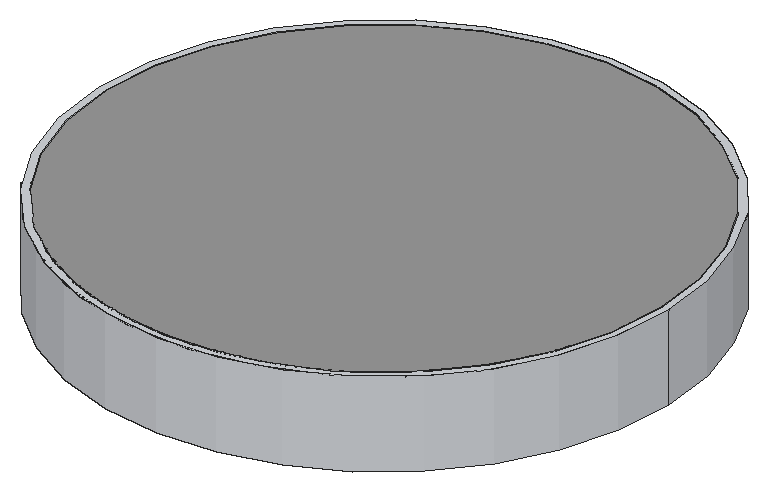
Revit family "2071117", category Lighting Fixtures, host Face, Revit 2018
Family settings
  Host = Face
  Round Connector Dimension = Use Diameter
  Part Type = Normal
  OmniClass Number = 23.80.70.00
  OmniClass Title = Lighting
  Cut with Voids When Loaded = No
  Light Source = Yes
  Shared = No
  Room Calculation Point = No
Parameters (values of type "2071117 COLOSSAL 400 840 PR DIR WHT EM")
  iner diameter = 390 mm
  Weight = "n/a"
  Wattage Comments = ""
  Wattage = 30 W
  WarrantyStartDate [instance] = "n/a"
  WarrantyGuarantorParts = "n/a"
  WarrantyDurationUnit = "n/a"
  WarrantyDurationParts = ""
  WarrantyDescription = "http://www.sylvania-lighting.com"
  built-in parameter 1150110 = 1 (stored number, unit not read)
  Voltage = 230 V
  URL = "0.93"
  TypeName = "COLOSSAL 400mm 840 PRISM DIR WHITE EM"
  Type Image = <None>
  Type Comments = "n/a"
  built-in parameter 1114217 = 1 (stored number, unit not read)
  Tilt Angle = -90.00°
  built-in parameter 1150109 = 1 (stored number, unit not read)
  built-in parameter 1150134 = (empty or 0)
  built-in parameter 1150113 = 1 (stored number, unit not read)
  SerialNumber [instance] = "n/a"
  Photometric Web File = "2071117.ies"
  Material_3_SYL = LED-Sylvania
  PowerFactor = 0
  PowerConsumption = "Lighting"
  NominalLength = 400 mm
  NominalHeight = 93 mm
  NominalDepth = 400 mm
  Name = "COLOSSAL 400mm 840 PRISM DIR WHITE EM"
  ModelReference = Name  # "COLOSSAL 400mm 840 PRISM DIR WHITE EM"
  ModelNumber = "2071117"
  Model = Name  # "COLOSSAL 400mm 840 PRISM DIR WHITE EM"
  Material = "Feilo Sylvania"
  ManufacturerName = "118 lm/W"
  Manufacturer = ""
  LuminousEfficacy = ""
  built-in parameter 1150105 = 270.44 (stored number, unit not read)
  Lumens = 3398.4 lm
  LuminaireType = "0"
  built-in parameter 1150115 = 1 (stored number, unit not read)
  LightOutputRatio = "LED"
  built-in parameter 1150137 = (empty or 0)
  built-in parameter 1150139 = (empty or 0)
  LampsType = Lamp  # "n/a"
  LampNominalLuminous = "4000 K"
  LampMacAdamStep = "80"
  LampColourTemperature = "LED"
  LampColourRenderingIndex = "16500"
  built-in parameter 1150112 = 1 (stored number, unit not read)
  built-in parameter 1150114 = 1 (stored number, unit not read)
  Lamp = "n/a"
  Keynote = "n/a"
  InstallationDate [instance] = "n/a"
  InputVoltage = "0"
  InputNominalFrequency = "4000"
  built-in parameter 1150132 = (empty or 0)
  built-in parameter 1150102 = (empty or 0)
  built-in parameter 1150107 = 3000 (stored number, unit not read)
  built-in parameter 1150138 = (empty or 0)
  IngressProtection = "IfcLightFixtureType"
  ImpactProtectionIndex = "IfcLightFixtureType"
  built-in parameter 1150106 = 2.7044 (stored number, unit not read)
  IfcExportType = "IfcLightFixtureType"
  IfcExportAs = "Class I"
  Emit from Circle Diameter = 385 mm
  Emit Shape Visible in Rendering = no
  ElectricShockClassification = "118"
  built-in parameter 1150104 = 10.524 (stored number, unit not read)
  DocumentationLiterature = "http://www.sylvania-lighting.com/product/en-int/products/2071117"
  DimmingControlOptions = "n/a"
  Material_2_SYL = Polycarbonate_Sylvania_White
  Dimming Lamp Color Temperature Shift = <None>
  Description = "400mm diameter circular architectural luminaire, can be surface mounted or suspended. Powder coated aluminium housing (RAL9016) with PMMA prismatic diffuser. Direct light distribution, 1935lm luminuous flux, 16.4W system power, 118lm/W luminiaire efficacy. Constant current driver. 3 hours integrated emergency. Colour rendering index Ra >80, 4000K Neutral White LED, chromaticity tolerance of 3-step MacAdam ellipse. IP40, IK03. 350mA drive current. UGR≤19. Electrical protection Class1, 220-240V. Reported lifetime 66k hours L90B10."
  Default Elevation = 1219.2 mm
  CreatedOn = "22/03/2022"
  CreatedBy = "@sylvania-lighting.com"
  Cost = 0
  Color Filter = 16777215
  built-in parameter 1114216 [instance] = (empty or 0)
  ClassificationValue = "EF_70_80"
  ClassificationName = "Uniclass2015"
  Material_1_SYL = Polycarbonate_Sylvania_Opal
  BarCode [instance] = "n/a"
  built-in parameter 1114218 = 1 (stored number, unit not read)
  built-in parameter 1150133 = 10 (stored number, unit not read)
  AssetType = "Fixed"
  AssetIdentifier [instance] = "n/a"
  Assembly Code = "D5020200"
  Apparent Load = 16.4 VA
  Material_4_SYL = none
Reference planes
  plane 1 "Center (Front/Back)": y = 0
  plane 2: z = 0
  plane 3 "Center (Left/Right)": x = 0
  plane 4: x = -200
  plane 5: x = 200
  plane 6: y = 200
  plane 7: y = -200
  plane 8: y = 236
  plane 9: y = -236
  plane 10: z = 93
  plane 11: y = 195
  plane 12: y = -195
  plane 13: y = 90.5
  plane 14: y = 144.5
  plane 15: through (52.25, 90.5, 1219.2) normal (0.866, 0.5, 0)
  plane 16: through (52.25, 90.5, 1219.2) normal (0.866, 0.5, 0)
  plane 17: through (63.706, 126.657, 1219.2) normal (0.866, 0.5, 0)
  plane 18: through (-104.5, 0, 1219.2) normal (-0.866, 0.5, 0)
  plane 19: through (-142.394, -9.633, 1219.2) normal (-0.866, 0.5, 0)
  plane 20: y = -90.5
  plane 21: y = -118.5
  plane 22: through (85.371, -141.133, 1219.2) normal (-0.866, 0.5, 0)
  plane 23: through (52.25, -90.5, 1219.2) normal (-0.866, 0.5, 0)
  plane 24: through (-161.658, 0, 1219.2) normal (0.866, 0.5, 0)
  plane 25: through (-172.12, 9.121, 1219.2) normal (0.866, 0.5, 0)
  plane 26: through (-104.5, 0, 1219.2) normal (0.866, 0.5, 0)
Forms (mm)
  Extrusion 1, solid, detail levels medium+fine
    sketch origin (0, 0, 0) x (1, 0, 0) y (0, 1, 0)
      loop
        circle (0, 0) r 200
    from 33.023 to 93
  Extrusion 2, void
    sketch origin (0, 0, 0) x (1, 0, 0) y (0, 1, 0)
      loop
        circle (0, 0) r 195
    from 93 to 37.292
  Extrusion 3, solid, material "Glass, White, High Luminance", detail levels fine
    sketch origin (0, 0, 0) x (1, 0, 0) y (0, 1, 0)
      loop
        circle (0, 0) r 195
    from 88.026 to 93
  Extrusion 4, solid, detail levels coarse
    sketch origin (0, 0, 0) x (1, 0, 0) y (0, 1, 0)
      loop
        line (-200, 200) -> (-200, -200) -> (200, -200) -> (200, 200) -> (-200, 200)
    from 0 to 93
  Blend 5, solid, detail levels medium+fine
    base sketch origin (0, 0, 0) x (1, 0, 0) y (0, 1, 0)
      loop
        line (-52.25, 90.5) -> (-104.5, 0) -> (-52.25, -90.5) -> (52.25, -90.5) -> (104.5, 0) -> (52.25, 90.5) -> (-52.25, 90.5)
    top sketch origin (0, 0, 0) x (1, 0, 0) y (0, 1, 0)
      loop
        line (-53.405, 144.5) -> (-149.245, -21.5) -> (-93.242, -118.5) -> (98.438, -118.5) -> (151.843, -26) -> (53.405, 144.5) -> (-53.405, 144.5)
    from 0 to 33.023
Cuts and joins
  Extrusion 2 cuts Extrusion 1
Dimensions and locks
  "NominalDepth": plane 6 to plane 7
  "NominalLength": plane 4 to plane 5
  equal spacing: plane 4, plane 3 "Center (Left/Right)", plane 5
  "iner diameter": plane 11 to plane 12
  equal spacing: plane 11, plane 1 "Center (Front/Back)", plane 12
  equal spacing: plane 6, plane 1 "Center (Front/Back)", plane 7
  "NominalHeight": plane 10 to level
  plane 19 to plane 18 = 28 mm
  radius of Extrusion 2 sketch curve = 195 mm
  aligned and locked: plane 2 to host face
  aligned and locked: level to host face
Automatic sketch dimensions
  host sketch curve to host sketch curve = 2438.4 mm  (x2)
  plane 1 "Center (Front/Back)" to Extrusion 1 sketch curve = 0 mm
  Extrusion 1 sketch curve to plane 3 "Center (Left/Right)" = 0 mm
  plane 1 "Center (Front/Back)" to Extrusion 2 sketch curve = 0 mm
  Extrusion 2 sketch curve to plane 3 "Center (Left/Right)" = 0 mm
  plane 1 "Center (Front/Back)" to Extrusion 3 sketch curve = 0 mm
  Extrusion 3 sketch curve to plane 3 "Center (Left/Right)" = 0 mm
  Extrusion 4 sketch curve to plane 4 = 0 mm
  Extrusion 4 sketch curve to plane 5 = 0 mm
  Extrusion 4 sketch curve to plane 7 = 0 mm
  Extrusion 4 sketch curve to plane 6 = 0 mm
  Blend 5 sketch curve to plane 19 = 0 mm  (x2)
  Blend 5 sketch curve to plane 24 = 0 mm  (x2)
  Blend 5 sketch curve to plane 21 = 0 mm
  Blend 5 sketch curve to plane 14 = 0 mm
  Blend 5 sketch curve to plane 17 = 0 mm  (x2)
  Blend 5 sketch curve to plane 22 = 0 mm  (x2)
  radius of Extrusion 1 sketch curve = 200 mm
  radius of Extrusion 3 sketch curve = 195 mm
Connectors
  electrical at (0, 0, 0), driven by "Apparent Load", driven by "PowerFactor", driven by "Voltage"
    settings: index 1, voltage 230 V, apparent load 16.4 VA, apparent load phase1 0 VA, apparent load phase2 0 VA, apparent load phase3 0 VA, power factor 0, load classification "Lighting", number of poles 1, system type 30, power factor state 1, is connector primary yes, connector utility no, sub classification motor no, connector description ""
